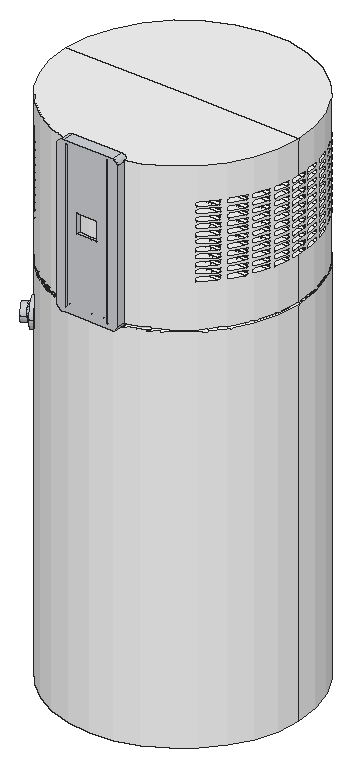
Revit family "STIEBEL ELTRON_WWK 222", category Generic Models, Revit 2022
Family settings
  Can host rebar = No
  Round Connector Dimension = Use Diameter
  Part Type = Normal
  Work Plane-Based = No
  Always vertical = Yes
  Cut with Voids When Loaded = No
  Maintain Annotation Orientation = No
  Shared = No
  Room Calculation Point = No
Parameters
  Default Elevation = 0 mm
Reference planes
  plane 1 "Center (Front/Back)": y = 0
  plane 2: z = 0
  plane 3 "Center (Left/Right)": x = 0
  plane 4: z = 1545
  plane 5: z = 1160
  plane 6: x = 345
  plane 7: x = -345
  plane 8: y = -179.723
  plane 9: y = 0
  plane 10: through (0, 0, 1219.2) normal (0.5, -0.866, 0)
  plane 11: x = -345
  plane 12: through (-285.733, -195.096, 1219.2) normal (-0.866, -0.5, 0)
  plane 13: y = 345
  plane 14: through (0, 345, 1219.2) normal (-0.3584, 0.9336, 0)
  plane 15: z = 935
  plane 16: z = 218
  plane 17: y = -104.723
  plane 18: x = -205
  plane 19: x = 205
  plane 20: y = -319.923
  plane 21: z = 1252.666
  plane 22: z = -24
Forms (mm)
  Revolve 1, solid, material "Default"
    sketch origin (0, 0, 0) x (1, 0, 0) y (0, 0, 1)
      loop
        line (0, 0) -> (345, 0) -> (345, 1545) -> (0, 1545) -> (0, 0)
      axis (0, 0) -> (0, 1545)
    angle from 0 to 360
  Revolve 2, solid
    sketch origin (-569.651, -4572, 935) x (-1, 0, 0) y (0, -1, 0)
      loop
        arc (-270.872, -4399.5) -> (-261.359, -4417.141) -> (-252.887, -4435.304) r 345
        line (-252.887, -4435.304) -> (-243.602, -4429.944) -> (-249.02, -4420.559)
        arc (-249.02, -4420.559) -> (-247.514, -4416.208) -> (-244.499, -4412.728) r 12.165
        line (-244.499, -4412.728) -> (-231.049, -4404.963) -> (-243.37, -4383.622) -> (-270.872, -4399.5)
      axis (-243.37, -4383.622) -> (-272.887, -4400.663)
    angle from 0 to 360
  Revolve 3, solid
    sketch origin (-2779.332, -3674.643, 935) x (-0.866025, 0.5, 0) y (-0.5, -0.866025, 0)
      loop
        arc (-270.872, -4399.5) -> (-261.359, -4417.141) -> (-252.887, -4435.304) r 345
        line (-252.887, -4435.304) -> (-243.602, -4429.944) -> (-249.02, -4420.559)
        arc (-249.02, -4420.559) -> (-247.514, -4416.208) -> (-244.499, -4412.728) r 12.165
        line (-244.499, -4412.728) -> (-231.049, -4404.963) -> (-243.37, -4383.622) -> (-270.872, -4399.5)
      axis (-243.37, -4383.622) -> (-272.887, -4400.663)
    angle from 0 to 360
  Revolve 4, solid
    sketch origin (-569.651, -4572, 1160) x (-1, 0, 0) y (0, -1, 0)
      loop
        arc (-451.654, -4896.194) -> (-470.679, -4902.499) -> (-490.037, -4907.688) r 345
        line (-490.037, -4907.688) -> (-486.37, -4917.763) -> (-476.188, -4914.057)
        arc (-476.188, -4914.057) -> (-472.164, -4916.296) -> (-469.261, -4919.87) r 12.165
        line (-469.261, -4919.87) -> (-463.949, -4934.463) -> (-440.793, -4926.035) -> (-451.654, -4896.194)
      axis (-440.793, -4926.035) -> (-452.45, -4894.008)
    angle from 0 to 360
  Revolve 5, solid
    sketch origin (-536.874, -4572, 218) x (-1, 0, 0) y (0, -1, 0)
      loop
        arc (-191.874, -4572) -> (-192.456, -4592.034) -> (-194.2, -4612) r 345
        line (-194.2, -4612) -> (-183.479, -4612) -> (-183.479, -4601.164)
        arc (-183.479, -4601.164) -> (-179.999, -4598.149) -> (-175.648, -4596.643) r 12.165
        line (-175.648, -4596.643) -> (-160.117, -4596.643) -> (-160.117, -4572) -> (-191.874, -4572)
      axis (-160.117, -4572) -> (-194.2, -4572)
    angle from 0 to 360
  Extrusion 6, solid
    sketch origin (0, 345, 1219.2) x (-1, 0, 0) y (0, 0, 1)
      loop
        line (-10, -59.2) -> (10, -59.2) -> (10, -3.514)
        arc (10, -3.514) -> (8.736, -0.464) -> (5.686, 0.8) r 4.314
        line (5.686, 0.8) -> (-5.686, 0.8)
        arc (-5.686, 0.8) -> (-8.736, -0.464) -> (-10, -3.514) r 4.314
        line (-10, -3.514) -> (-10, -59.2)
      loop
        circle (0, -9.242) r 5
      loop
        circle (0, -24.242) r 5
      loop
        circle (0, -39.242) r 5
    from -17.664 to 10
  Extrusion 7, solid
    sketch origin (-499.927, -319.923, 1219.2) x (-1, 0, 0) y (0, 0, 1)
      loop
        line (-430.197, 333.551) -> (-575.658, 333.551)
        arc (-575.658, 333.551) -> (-585.748, 329.372) -> (-589.927, 319.282) r 14.269
        line (-589.927, 319.282) -> (-589.927, -107.431)
        arc (-589.927, -107.431) -> (-585.748, -117.521) -> (-575.658, -121.7) r 14.269
        line (-575.658, -121.7) -> (-430.197, -121.7)
        arc (-430.197, -121.7) -> (-415.864, -115.763) -> (-409.927, -101.431) r 20.269
        line (-409.927, -101.431) -> (-409.927, 313.282)
        arc (-409.927, 313.282) -> (-415.864, 327.615) -> (-430.197, 333.551) r 20.269
      loop
        line (-469.927, 153.107) -> (-529.927, 153.107) -> (-529.927, 98.107) -> (-469.927, 98.107) -> (-469.927, 153.107)
      loop
        line (-437.626, 325.8) -> (-442.626, 325.8) -> (-442.626, -107.431) -> (-437.626, -107.431) -> (-437.626, 325.8)
      loop
        line (-562.228, 325.8) -> (-562.228, -107.431) -> (-557.228, -107.431) -> (-557.228, 325.8) -> (-562.228, 325.8)
    from -33.974 to 0
  Extrusion 8, void
    sketch origin (205, 414.536, 4650) x (0, -1, 0) y (0, 0, -1)
      loop
        line (342.226, 3199.001) -> (378.55, 3199.001)
        arc (378.55, 3199.001) -> (382.086, 3200.466) -> (383.55, 3204.001) r 5
        line (383.55, 3204.001) -> (383.55, 3207.334)
        arc (383.55, 3207.334) -> (382.086, 3210.87) -> (378.55, 3212.334) r 5
        line (378.55, 3212.334) -> (342.226, 3212.334)
        arc (342.226, 3212.334) -> (338.691, 3210.87) -> (337.226, 3207.334) r 5
        line (337.226, 3207.334) -> (337.226, 3204.001)
        arc (337.226, 3204.001) -> (338.691, 3200.466) -> (342.226, 3199.001) r 5
      loop
        line (398.55, 3199.001) -> (434.874, 3199.001)
        arc (434.874, 3199.001) -> (438.41, 3200.466) -> (439.874, 3204.001) r 5
        line (439.874, 3204.001) -> (439.874, 3207.334)
        arc (439.874, 3207.334) -> (438.41, 3210.87) -> (434.874, 3212.334) r 5
        line (434.874, 3212.334) -> (398.55, 3212.334)
        arc (398.55, 3212.334) -> (395.015, 3210.87) -> (393.55, 3207.334) r 5
        line (393.55, 3207.334) -> (393.55, 3204.001)
        arc (393.55, 3204.001) -> (395.015, 3200.466) -> (398.55, 3199.001) r 5
      loop
        line (454.874, 3199.001) -> (491.198, 3199.001)
        arc (491.198, 3199.001) -> (494.734, 3200.466) -> (496.198, 3204.001) r 5
        line (496.198, 3204.001) -> (496.198, 3207.334)
        arc (496.198, 3207.334) -> (494.734, 3210.87) -> (491.198, 3212.334) r 5
        line (491.198, 3212.334) -> (454.874, 3212.334)
        arc (454.874, 3212.334) -> (451.339, 3210.87) -> (449.874, 3207.334) r 5
        line (449.874, 3207.334) -> (449.874, 3204.001)
        arc (449.874, 3204.001) -> (451.339, 3200.466) -> (454.874, 3199.001) r 5
      loop
        line (511.198, 3199.001) -> (547.522, 3199.001)
        arc (547.522, 3199.001) -> (551.058, 3200.466) -> (552.522, 3204.001) r 5
        line (552.522, 3204.001) -> (552.522, 3207.334)
        arc (552.522, 3207.334) -> (551.058, 3210.87) -> (547.522, 3212.334) r 5
        line (547.522, 3212.334) -> (511.198, 3212.334)
        arc (511.198, 3212.334) -> (507.663, 3210.87) -> (506.198, 3207.334) r 5
        line (506.198, 3207.334) -> (506.198, 3204.001)
        arc (506.198, 3204.001) -> (507.663, 3200.466) -> (511.198, 3199.001) r 5
      loop
        line (567.522, 3199.001) -> (603.846, 3199.001)
        arc (603.846, 3199.001) -> (607.382, 3200.466) -> (608.846, 3204.001) r 5
        line (608.846, 3204.001) -> (608.846, 3207.334)
        arc (608.846, 3207.334) -> (607.382, 3210.87) -> (603.846, 3212.334) r 5
        line (603.846, 3212.334) -> (567.522, 3212.334)
        arc (567.522, 3212.334) -> (563.987, 3210.87) -> (562.522, 3207.334) r 5
        line (562.522, 3207.334) -> (562.522, 3204.001)
        arc (562.522, 3204.001) -> (563.987, 3200.466) -> (567.522, 3199.001) r 5
      loop
        line (623.846, 3199.001) -> (660.17, 3199.001)
        arc (660.17, 3199.001) -> (663.706, 3200.466) -> (665.17, 3204.001) r 5
        line (665.17, 3204.001) -> (665.17, 3207.334)
        arc (665.17, 3207.334) -> (663.706, 3210.87) -> (660.17, 3212.334) r 5
        line (660.17, 3212.334) -> (623.846, 3212.334)
        arc (623.846, 3212.334) -> (620.311, 3210.87) -> (618.846, 3207.334) r 5
        line (618.846, 3207.334) -> (618.846, 3204.001)
        arc (618.846, 3204.001) -> (620.311, 3200.466) -> (623.846, 3199.001) r 5
      loop
        line (173.254, 3199.001) -> (209.578, 3199.001)
        arc (209.578, 3199.001) -> (213.114, 3200.466) -> (214.578, 3204.001) r 5
        line (214.578, 3204.001) -> (214.578, 3207.334)
        arc (214.578, 3207.334) -> (213.114, 3210.87) -> (209.578, 3212.334) r 5
        line (209.578, 3212.334) -> (173.254, 3212.334)
        arc (173.254, 3212.334) -> (169.719, 3210.87) -> (168.254, 3207.334) r 5
        line (168.254, 3207.334) -> (168.254, 3204.001)
        arc (168.254, 3204.001) -> (169.719, 3200.466) -> (173.254, 3199.001) r 5
      loop
        line (229.578, 3199.001) -> (265.902, 3199.001)
        arc (265.902, 3199.001) -> (269.438, 3200.466) -> (270.902, 3204.001) r 5
        line (270.902, 3204.001) -> (270.902, 3207.334)
        arc (270.902, 3207.334) -> (269.438, 3210.87) -> (265.902, 3212.334) r 5
        line (265.902, 3212.334) -> (229.578, 3212.334)
        arc (229.578, 3212.334) -> (226.043, 3210.87) -> (224.578, 3207.334) r 5
        line (224.578, 3207.334) -> (224.578, 3204.001)
        arc (224.578, 3204.001) -> (226.043, 3200.466) -> (229.578, 3199.001) r 5
      loop
        line (285.902, 3199.001) -> (322.226, 3199.001)
        arc (322.226, 3199.001) -> (325.762, 3200.466) -> (327.226, 3204.001) r 5
        line (327.226, 3204.001) -> (327.226, 3207.334)
        arc (327.226, 3207.334) -> (325.762, 3210.87) -> (322.226, 3212.334) r 5
        line (322.226, 3212.334) -> (285.902, 3212.334)
        arc (285.902, 3212.334) -> (282.367, 3210.87) -> (280.902, 3207.334) r 5
        line (280.902, 3207.334) -> (280.902, 3204.001)
        arc (280.902, 3204.001) -> (282.367, 3200.466) -> (285.902, 3199.001) r 5
      loop
        line (342.226, 3219.001) -> (378.55, 3219.001)
        arc (378.55, 3219.001) -> (382.086, 3220.466) -> (383.55, 3224.001) r 5
        line (383.55, 3224.001) -> (383.55, 3227.334)
        arc (383.55, 3227.334) -> (382.086, 3230.87) -> (378.55, 3232.334) r 5
        line (378.55, 3232.334) -> (342.226, 3232.334)
        arc (342.226, 3232.334) -> (338.691, 3230.87) -> (337.226, 3227.334) r 5
        line (337.226, 3227.334) -> (337.226, 3224.001)
        arc (337.226, 3224.001) -> (338.691, 3220.466) -> (342.226, 3219.001) r 5
      loop
        line (398.55, 3219.001) -> (434.874, 3219.001)
        arc (434.874, 3219.001) -> (438.41, 3220.466) -> (439.874, 3224.001) r 5
        line (439.874, 3224.001) -> (439.874, 3227.334)
        arc (439.874, 3227.334) -> (438.41, 3230.87) -> (434.874, 3232.334) r 5
        line (434.874, 3232.334) -> (398.55, 3232.334)
        arc (398.55, 3232.334) -> (395.015, 3230.87) -> (393.55, 3227.334) r 5
        line (393.55, 3227.334) -> (393.55, 3224.001)
        arc (393.55, 3224.001) -> (395.015, 3220.466) -> (398.55, 3219.001) r 5
      loop
        line (454.874, 3219.001) -> (491.198, 3219.001)
        arc (491.198, 3219.001) -> (494.734, 3220.466) -> (496.198, 3224.001) r 5
        line (496.198, 3224.001) -> (496.198, 3227.334)
        arc (496.198, 3227.334) -> (494.734, 3230.87) -> (491.198, 3232.334) r 5
        line (491.198, 3232.334) -> (454.874, 3232.334)
        arc (454.874, 3232.334) -> (451.339, 3230.87) -> (449.874, 3227.334) r 5
        line (449.874, 3227.334) -> (449.874, 3224.001)
        arc (449.874, 3224.001) -> (451.339, 3220.466) -> (454.874, 3219.001) r 5
      loop
        line (511.198, 3219.001) -> (547.522, 3219.001)
        arc (547.522, 3219.001) -> (551.058, 3220.466) -> (552.522, 3224.001) r 5
        line (552.522, 3224.001) -> (552.522, 3227.334)
        arc (552.522, 3227.334) -> (551.058, 3230.87) -> (547.522, 3232.334) r 5
        line (547.522, 3232.334) -> (511.198, 3232.334)
        arc (511.198, 3232.334) -> (507.663, 3230.87) -> (506.198, 3227.334) r 5
        line (506.198, 3227.334) -> (506.198, 3224.001)
        arc (506.198, 3224.001) -> (507.663, 3220.466) -> (511.198, 3219.001) r 5
      loop
        line (567.522, 3219.001) -> (603.846, 3219.001)
        arc (603.846, 3219.001) -> (607.382, 3220.466) -> (608.846, 3224.001) r 5
        line (608.846, 3224.001) -> (608.846, 3227.334)
        arc (608.846, 3227.334) -> (607.382, 3230.87) -> (603.846, 3232.334) r 5
        line (603.846, 3232.334) -> (567.522, 3232.334)
        arc (567.522, 3232.334) -> (563.987, 3230.87) -> (562.522, 3227.334) r 5
        line (562.522, 3227.334) -> (562.522, 3224.001)
        arc (562.522, 3224.001) -> (563.987, 3220.466) -> (567.522, 3219.001) r 5
      loop
        line (623.846, 3219.001) -> (660.17, 3219.001)
        arc (660.17, 3219.001) -> (663.706, 3220.466) -> (665.17, 3224.001) r 5
        line (665.17, 3224.001) -> (665.17, 3227.334)
        arc (665.17, 3227.334) -> (663.706, 3230.87) -> (660.17, 3232.334) r 5
        line (660.17, 3232.334) -> (623.846, 3232.334)
        arc (623.846, 3232.334) -> (620.311, 3230.87) -> (618.846, 3227.334) r 5
        line (618.846, 3227.334) -> (618.846, 3224.001)
        arc (618.846, 3224.001) -> (620.311, 3220.466) -> (623.846, 3219.001) r 5
      loop
        line (173.254, 3219.001) -> (209.578, 3219.001)
        arc (209.578, 3219.001) -> (213.114, 3220.466) -> (214.578, 3224.001) r 5
        line (214.578, 3224.001) -> (214.578, 3227.334)
        arc (214.578, 3227.334) -> (213.114, 3230.87) -> (209.578, 3232.334) r 5
        line (209.578, 3232.334) -> (173.254, 3232.334)
        arc (173.254, 3232.334) -> (169.719, 3230.87) -> (168.254, 3227.334) r 5
        line (168.254, 3227.334) -> (168.254, 3224.001)
        arc (168.254, 3224.001) -> (169.719, 3220.466) -> (173.254, 3219.001) r 5
      loop
        line (229.578, 3219.001) -> (265.902, 3219.001)
        arc (265.902, 3219.001) -> (269.438, 3220.466) -> (270.902, 3224.001) r 5
        line (270.902, 3224.001) -> (270.902, 3227.334)
        arc (270.902, 3227.334) -> (269.438, 3230.87) -> (265.902, 3232.334) r 5
        line (265.902, 3232.334) -> (229.578, 3232.334)
        arc (229.578, 3232.334) -> (226.043, 3230.87) -> (224.578, 3227.334) r 5
        line (224.578, 3227.334) -> (224.578, 3224.001)
        arc (224.578, 3224.001) -> (226.043, 3220.466) -> (229.578, 3219.001) r 5
      loop
        line (285.902, 3219.001) -> (322.226, 3219.001)
        arc (322.226, 3219.001) -> (325.762, 3220.466) -> (327.226, 3224.001) r 5
        line (327.226, 3224.001) -> (327.226, 3227.334)
        arc (327.226, 3227.334) -> (325.762, 3230.87) -> (322.226, 3232.334) r 5
        line (322.226, 3232.334) -> (285.902, 3232.334)
        arc (285.902, 3232.334) -> (282.367, 3230.87) -> (280.902, 3227.334) r 5
        line (280.902, 3227.334) -> (280.902, 3224.001)
        arc (280.902, 3224.001) -> (282.367, 3220.466) -> (285.902, 3219.001) r 5
      loop
        line (342.226, 3239.001) -> (378.55, 3239.001)
        arc (378.55, 3239.001) -> (382.086, 3240.466) -> (383.55, 3244.001) r 5
        line (383.55, 3244.001) -> (383.55, 3247.334)
        arc (383.55, 3247.334) -> (382.086, 3250.87) -> (378.55, 3252.334) r 5
        line (378.55, 3252.334) -> (342.226, 3252.334)
        arc (342.226, 3252.334) -> (338.691, 3250.87) -> (337.226, 3247.334) r 5
        line (337.226, 3247.334) -> (337.226, 3244.001)
        arc (337.226, 3244.001) -> (338.691, 3240.466) -> (342.226, 3239.001) r 5
      loop
        line (398.55, 3239.001) -> (434.874, 3239.001)
        arc (434.874, 3239.001) -> (438.41, 3240.466) -> (439.874, 3244.001) r 5
        line (439.874, 3244.001) -> (439.874, 3247.334)
        arc (439.874, 3247.334) -> (438.41, 3250.87) -> (434.874, 3252.334) r 5
        line (434.874, 3252.334) -> (398.55, 3252.334)
        arc (398.55, 3252.334) -> (395.015, 3250.87) -> (393.55, 3247.334) r 5
        line (393.55, 3247.334) -> (393.55, 3244.001)
        arc (393.55, 3244.001) -> (395.015, 3240.466) -> (398.55, 3239.001) r 5
      loop
        line (454.874, 3239.001) -> (491.198, 3239.001)
        arc (491.198, 3239.001) -> (494.734, 3240.466) -> (496.198, 3244.001) r 5
        line (496.198, 3244.001) -> (496.198, 3247.334)
        arc (496.198, 3247.334) -> (494.734, 3250.87) -> (491.198, 3252.334) r 5
        line (491.198, 3252.334) -> (454.874, 3252.334)
        arc (454.874, 3252.334) -> (451.339, 3250.87) -> (449.874, 3247.334) r 5
        line (449.874, 3247.334) -> (449.874, 3244.001)
        arc (449.874, 3244.001) -> (451.339, 3240.466) -> (454.874, 3239.001) r 5
      loop
        line (511.198, 3239.001) -> (547.522, 3239.001)
        arc (547.522, 3239.001) -> (551.058, 3240.466) -> (552.522, 3244.001) r 5
        line (552.522, 3244.001) -> (552.522, 3247.334)
        arc (552.522, 3247.334) -> (551.058, 3250.87) -> (547.522, 3252.334) r 5
        line (547.522, 3252.334) -> (511.198, 3252.334)
        arc (511.198, 3252.334) -> (507.663, 3250.87) -> (506.198, 3247.334) r 5
        line (506.198, 3247.334) -> (506.198, 3244.001)
        arc (506.198, 3244.001) -> (507.663, 3240.466) -> (511.198, 3239.001) r 5
      loop
        line (567.522, 3239.001) -> (603.846, 3239.001)
        arc (603.846, 3239.001) -> (607.382, 3240.466) -> (608.846, 3244.001) r 5
        line (608.846, 3244.001) -> (608.846, 3247.334)
        arc (608.846, 3247.334) -> (607.382, 3250.87) -> (603.846, 3252.334) r 5
        line (603.846, 3252.334) -> (567.522, 3252.334)
        arc (567.522, 3252.334) -> (563.987, 3250.87) -> (562.522, 3247.334) r 5
        line (562.522, 3247.334) -> (562.522, 3244.001)
        arc (562.522, 3244.001) -> (563.987, 3240.466) -> (567.522, 3239.001) r 5
      loop
        line (623.846, 3239.001) -> (660.17, 3239.001)
        arc (660.17, 3239.001) -> (663.706, 3240.466) -> (665.17, 3244.001) r 5
        line (665.17, 3244.001) -> (665.17, 3247.334)
        arc (665.17, 3247.334) -> (663.706, 3250.87) -> (660.17, 3252.334) r 5
        line (660.17, 3252.334) -> (623.846, 3252.334)
        arc (623.846, 3252.334) -> (620.311, 3250.87) -> (618.846, 3247.334) r 5
        line (618.846, 3247.334) -> (618.846, 3244.001)
        arc (618.846, 3244.001) -> (620.311, 3240.466) -> (623.846, 3239.001) r 5
      loop
        line (173.254, 3239.001) -> (209.578, 3239.001)
        arc (209.578, 3239.001) -> (213.114, 3240.466) -> (214.578, 3244.001) r 5
        line (214.578, 3244.001) -> (214.578, 3247.334)
        arc (214.578, 3247.334) -> (213.114, 3250.87) -> (209.578, 3252.334) r 5
        line (209.578, 3252.334) -> (173.254, 3252.334)
        arc (173.254, 3252.334) -> (169.719, 3250.87) -> (168.254, 3247.334) r 5
        line (168.254, 3247.334) -> (168.254, 3244.001)
        arc (168.254, 3244.001) -> (169.719, 3240.466) -> (173.254, 3239.001) r 5
      loop
        line (229.578, 3239.001) -> (265.902, 3239.001)
        arc (265.902, 3239.001) -> (269.438, 3240.466) -> (270.902, 3244.001) r 5
        line (270.902, 3244.001) -> (270.902, 3247.334)
        arc (270.902, 3247.334) -> (269.438, 3250.87) -> (265.902, 3252.334) r 5
        line (265.902, 3252.334) -> (229.578, 3252.334)
        arc (229.578, 3252.334) -> (226.043, 3250.87) -> (224.578, 3247.334) r 5
        line (224.578, 3247.334) -> (224.578, 3244.001)
        arc (224.578, 3244.001) -> (226.043, 3240.466) -> (229.578, 3239.001) r 5
      loop
        line (285.902, 3239.001) -> (322.226, 3239.001)
        arc (322.226, 3239.001) -> (325.762, 3240.466) -> (327.226, 3244.001) r 5
        line (327.226, 3244.001) -> (327.226, 3247.334)
        arc (327.226, 3247.334) -> (325.762, 3250.87) -> (322.226, 3252.334) r 5
        line (322.226, 3252.334) -> (285.902, 3252.334)
        arc (285.902, 3252.334) -> (282.367, 3250.87) -> (280.902, 3247.334) r 5
        line (280.902, 3247.334) -> (280.902, 3244.001)
        arc (280.902, 3244.001) -> (282.367, 3240.466) -> (285.902, 3239.001) r 5
      loop
        line (342.226, 3259.001) -> (378.55, 3259.001)
        arc (378.55, 3259.001) -> (382.086, 3260.466) -> (383.55, 3264.001) r 5
        line (383.55, 3264.001) -> (383.55, 3267.334)
        arc (383.55, 3267.334) -> (382.086, 3270.87) -> (378.55, 3272.334) r 5
        line (378.55, 3272.334) -> (342.226, 3272.334)
        arc (342.226, 3272.334) -> (338.691, 3270.87) -> (337.226, 3267.334) r 5
        line (337.226, 3267.334) -> (337.226, 3264.001)
        arc (337.226, 3264.001) -> (338.691, 3260.466) -> (342.226, 3259.001) r 5
      loop
        line (398.55, 3259.001) -> (434.874, 3259.001)
        arc (434.874, 3259.001) -> (438.41, 3260.466) -> (439.874, 3264.001) r 5
        line (439.874, 3264.001) -> (439.874, 3267.334)
        arc (439.874, 3267.334) -> (438.41, 3270.87) -> (434.874, 3272.334) r 5
        line (434.874, 3272.334) -> (398.55, 3272.334)
        arc (398.55, 3272.334) -> (395.015, 3270.87) -> (393.55, 3267.334) r 5
        line (393.55, 3267.334) -> (393.55, 3264.001)
        arc (393.55, 3264.001) -> (395.015, 3260.466) -> (398.55, 3259.001) r 5
      loop
        line (454.874, 3259.001) -> (491.198, 3259.001)
        arc (491.198, 3259.001) -> (494.734, 3260.466) -> (496.198, 3264.001) r 5
        line (496.198, 3264.001) -> (496.198, 3267.334)
        arc (496.198, 3267.334) -> (494.734, 3270.87) -> (491.198, 3272.334) r 5
        line (491.198, 3272.334) -> (454.874, 3272.334)
        arc (454.874, 3272.334) -> (451.339, 3270.87) -> (449.874, 3267.334) r 5
        line (449.874, 3267.334) -> (449.874, 3264.001)
        arc (449.874, 3264.001) -> (451.339, 3260.466) -> (454.874, 3259.001) r 5
      loop
        line (511.198, 3259.001) -> (547.522, 3259.001)
        arc (547.522, 3259.001) -> (551.058, 3260.466) -> (552.522, 3264.001) r 5
        line (552.522, 3264.001) -> (552.522, 3267.334)
        arc (552.522, 3267.334) -> (551.058, 3270.87) -> (547.522, 3272.334) r 5
        line (547.522, 3272.334) -> (511.198, 3272.334)
        arc (511.198, 3272.334) -> (507.663, 3270.87) -> (506.198, 3267.334) r 5
        line (506.198, 3267.334) -> (506.198, 3264.001)
        arc (506.198, 3264.001) -> (507.663, 3260.466) -> (511.198, 3259.001) r 5
      loop
        line (567.522, 3259.001) -> (603.846, 3259.001)
        arc (603.846, 3259.001) -> (607.382, 3260.466) -> (608.846, 3264.001) r 5
        line (608.846, 3264.001) -> (608.846, 3267.334)
        arc (608.846, 3267.334) -> (607.382, 3270.87) -> (603.846, 3272.334) r 5
        line (603.846, 3272.334) -> (567.522, 3272.334)
        arc (567.522, 3272.334) -> (563.987, 3270.87) -> (562.522, 3267.334) r 5
        line (562.522, 3267.334) -> (562.522, 3264.001)
        arc (562.522, 3264.001) -> (563.987, 3260.466) -> (567.522, 3259.001) r 5
      loop
        line (623.846, 3259.001) -> (660.17, 3259.001)
        arc (660.17, 3259.001) -> (663.706, 3260.466) -> (665.17, 3264.001) r 5
        line (665.17, 3264.001) -> (665.17, 3267.334)
        arc (665.17, 3267.334) -> (663.706, 3270.87) -> (660.17, 3272.334) r 5
        line (660.17, 3272.334) -> (623.846, 3272.334)
        arc (623.846, 3272.334) -> (620.311, 3270.87) -> (618.846, 3267.334) r 5
        line (618.846, 3267.334) -> (618.846, 3264.001)
        arc (618.846, 3264.001) -> (620.311, 3260.466) -> (623.846, 3259.001) r 5
      loop
        line (173.254, 3259.001) -> (209.578, 3259.001)
        arc (209.578, 3259.001) -> (213.114, 3260.466) -> (214.578, 3264.001) r 5
        line (214.578, 3264.001) -> (214.578, 3267.334)
        arc (214.578, 3267.334) -> (213.114, 3270.87) -> (209.578, 3272.334) r 5
        line (209.578, 3272.334) -> (173.254, 3272.334)
        arc (173.254, 3272.334) -> (169.719, 3270.87) -> (168.254, 3267.334) r 5
        line (168.254, 3267.334) -> (168.254, 3264.001)
        arc (168.254, 3264.001) -> (169.719, 3260.466) -> (173.254, 3259.001) r 5
      loop
        line (229.578, 3259.001) -> (265.902, 3259.001)
        arc (265.902, 3259.001) -> (269.438, 3260.466) -> (270.902, 3264.001) r 5
        line (270.902, 3264.001) -> (270.902, 3267.334)
        arc (270.902, 3267.334) -> (269.438, 3270.87) -> (265.902, 3272.334) r 5
        line (265.902, 3272.334) -> (229.578, 3272.334)
        arc (229.578, 3272.334) -> (226.043, 3270.87) -> (224.578, 3267.334) r 5
        line (224.578, 3267.334) -> (224.578, 3264.001)
        arc (224.578, 3264.001) -> (226.043, 3260.466) -> (229.578, 3259.001) r 5
      loop
        line (285.902, 3259.001) -> (322.226, 3259.001)
        arc (322.226, 3259.001) -> (325.762, 3260.466) -> (327.226, 3264.001) r 5
        line (327.226, 3264.001) -> (327.226, 3267.334)
        arc (327.226, 3267.334) -> (325.762, 3270.87) -> (322.226, 3272.334) r 5
        line (322.226, 3272.334) -> (285.902, 3272.334)
        arc (285.902, 3272.334) -> (282.367, 3270.87) -> (280.902, 3267.334) r 5
        line (280.902, 3267.334) -> (280.902, 3264.001)
        arc (280.902, 3264.001) -> (282.367, 3260.466) -> (285.902, 3259.001) r 5
      loop
        line (342.226, 3279.001) -> (378.55, 3279.001)
        arc (378.55, 3279.001) -> (382.086, 3280.466) -> (383.55, 3284.001) r 5
        line (383.55, 3284.001) -> (383.55, 3287.334)
        arc (383.55, 3287.334) -> (382.086, 3290.87) -> (378.55, 3292.334) r 5
        line (378.55, 3292.334) -> (342.226, 3292.334)
        arc (342.226, 3292.334) -> (338.691, 3290.87) -> (337.226, 3287.334) r 5
        line (337.226, 3287.334) -> (337.226, 3284.001)
        arc (337.226, 3284.001) -> (338.691, 3280.466) -> (342.226, 3279.001) r 5
      loop
        line (398.55, 3279.001) -> (434.874, 3279.001)
        arc (434.874, 3279.001) -> (438.41, 3280.466) -> (439.874, 3284.001) r 5
        line (439.874, 3284.001) -> (439.874, 3287.334)
        arc (439.874, 3287.334) -> (438.41, 3290.87) -> (434.874, 3292.334) r 5
        line (434.874, 3292.334) -> (398.55, 3292.334)
        arc (398.55, 3292.334) -> (395.015, 3290.87) -> (393.55, 3287.334) r 5
        line (393.55, 3287.334) -> (393.55, 3284.001)
        arc (393.55, 3284.001) -> (395.015, 3280.466) -> (398.55, 3279.001) r 5
      loop
        line (454.874, 3279.001) -> (491.198, 3279.001)
        arc (491.198, 3279.001) -> (494.734, 3280.466) -> (496.198, 3284.001) r 5
        line (496.198, 3284.001) -> (496.198, 3287.334)
        arc (496.198, 3287.334) -> (494.734, 3290.87) -> (491.198, 3292.334) r 5
        line (491.198, 3292.334) -> (454.874, 3292.334)
        arc (454.874, 3292.334) -> (451.339, 3290.87) -> (449.874, 3287.334) r 5
        line (449.874, 3287.334) -> (449.874, 3284.001)
        arc (449.874, 3284.001) -> (451.339, 3280.466) -> (454.874, 3279.001) r 5
      loop
        line (511.198, 3279.001) -> (547.522, 3279.001)
        arc (547.522, 3279.001) -> (551.058, 3280.466) -> (552.522, 3284.001) r 5
        line (552.522, 3284.001) -> (552.522, 3287.334)
        arc (552.522, 3287.334) -> (551.058, 3290.87) -> (547.522, 3292.334) r 5
        line (547.522, 3292.334) -> (511.198, 3292.334)
        arc (511.198, 3292.334) -> (507.663, 3290.87) -> (506.198, 3287.334) r 5
        line (506.198, 3287.334) -> (506.198, 3284.001)
        arc (506.198, 3284.001) -> (507.663, 3280.466) -> (511.198, 3279.001) r 5
      loop
        line (567.522, 3279.001) -> (603.846, 3279.001)
        arc (603.846, 3279.001) -> (607.382, 3280.466) -> (608.846, 3284.001) r 5
        line (608.846, 3284.001) -> (608.846, 3287.334)
        arc (608.846, 3287.334) -> (607.382, 3290.87) -> (603.846, 3292.334) r 5
        line (603.846, 3292.334) -> (567.522, 3292.334)
        arc (567.522, 3292.334) -> (563.987, 3290.87) -> (562.522, 3287.334) r 5
        line (562.522, 3287.334) -> (562.522, 3284.001)
        arc (562.522, 3284.001) -> (563.987, 3280.466) -> (567.522, 3279.001) r 5
      loop
        line (623.846, 3279.001) -> (660.17, 3279.001)
        arc (660.17, 3279.001) -> (663.706, 3280.466) -> (665.17, 3284.001) r 5
        line (665.17, 3284.001) -> (665.17, 3287.334)
        arc (665.17, 3287.334) -> (663.706, 3290.87) -> (660.17, 3292.334) r 5
        line (660.17, 3292.334) -> (623.846, 3292.334)
        arc (623.846, 3292.334) -> (620.311, 3290.87) -> (618.846, 3287.334) r 5
        line (618.846, 3287.334) -> (618.846, 3284.001)
        arc (618.846, 3284.001) -> (620.311, 3280.466) -> (623.846, 3279.001) r 5
      loop
        line (173.254, 3279.001) -> (209.578, 3279.001)
        arc (209.578, 3279.001) -> (213.114, 3280.466) -> (214.578, 3284.001) r 5
        line (214.578, 3284.001) -> (214.578, 3287.334)
        arc (214.578, 3287.334) -> (213.114, 3290.87) -> (209.578, 3292.334) r 5
        line (209.578, 3292.334) -> (173.254, 3292.334)
        arc (173.254, 3292.334) -> (169.719, 3290.87) -> (168.254, 3287.334) r 5
        line (168.254, 3287.334) -> (168.254, 3284.001)
        arc (168.254, 3284.001) -> (169.719, 3280.466) -> (173.254, 3279.001) r 5
      loop
        line (229.578, 3279.001) -> (265.902, 3279.001)
        arc (265.902, 3279.001) -> (269.438, 3280.466) -> (270.902, 3284.001) r 5
        line (270.902, 3284.001) -> (270.902, 3287.334)
        arc (270.902, 3287.334) -> (269.438, 3290.87) -> (265.902, 3292.334) r 5
        line (265.902, 3292.334) -> (229.578, 3292.334)
        arc (229.578, 3292.334) -> (226.043, 3290.87) -> (224.578, 3287.334) r 5
        line (224.578, 3287.334) -> (224.578, 3284.001)
        arc (224.578, 3284.001) -> (226.043, 3280.466) -> (229.578, 3279.001) r 5
      loop
        line (285.902, 3279.001) -> (322.226, 3279.001)
        arc (322.226, 3279.001) -> (325.762, 3280.466) -> (327.226, 3284.001) r 5
        line (327.226, 3284.001) -> (327.226, 3287.334)
        arc (327.226, 3287.334) -> (325.762, 3290.87) -> (322.226, 3292.334) r 5
        line (322.226, 3292.334) -> (285.902, 3292.334)
        arc (285.902, 3292.334) -> (282.367, 3290.87) -> (280.902, 3287.334) r 5
        line (280.902, 3287.334) -> (280.902, 3284.001)
        arc (280.902, 3284.001) -> (282.367, 3280.466) -> (285.902, 3279.001) r 5
      loop
        line (342.226, 3299.001) -> (378.55, 3299.001)
        arc (378.55, 3299.001) -> (382.086, 3300.466) -> (383.55, 3304.001) r 5
        line (383.55, 3304.001) -> (383.55, 3307.334)
        arc (383.55, 3307.334) -> (382.086, 3310.87) -> (378.55, 3312.334) r 5
        line (378.55, 3312.334) -> (342.226, 3312.334)
        arc (342.226, 3312.334) -> (338.691, 3310.87) -> (337.226, 3307.334) r 5
        line (337.226, 3307.334) -> (337.226, 3304.001)
        arc (337.226, 3304.001) -> (338.691, 3300.466) -> (342.226, 3299.001) r 5
      loop
        line (398.55, 3299.001) -> (434.874, 3299.001)
        arc (434.874, 3299.001) -> (438.41, 3300.466) -> (439.874, 3304.001) r 5
        line (439.874, 3304.001) -> (439.874, 3307.334)
        arc (439.874, 3307.334) -> (438.41, 3310.87) -> (434.874, 3312.334) r 5
        line (434.874, 3312.334) -> (398.55, 3312.334)
        arc (398.55, 3312.334) -> (395.015, 3310.87) -> (393.55, 3307.334) r 5
        line (393.55, 3307.334) -> (393.55, 3304.001)
        arc (393.55, 3304.001) -> (395.015, 3300.466) -> (398.55, 3299.001) r 5
      loop
        line (454.874, 3299.001) -> (491.198, 3299.001)
        arc (491.198, 3299.001) -> (494.734, 3300.466) -> (496.198, 3304.001) r 5
        line (496.198, 3304.001) -> (496.198, 3307.334)
        arc (496.198, 3307.334) -> (494.734, 3310.87) -> (491.198, 3312.334) r 5
        line (491.198, 3312.334) -> (454.874, 3312.334)
        arc (454.874, 3312.334) -> (451.339, 3310.87) -> (449.874, 3307.334) r 5
        line (449.874, 3307.334) -> (449.874, 3304.001)
        arc (449.874, 3304.001) -> (451.339, 3300.466) -> (454.874, 3299.001) r 5
      loop
        line (511.198, 3299.001) -> (547.522, 3299.001)
        arc (547.522, 3299.001) -> (551.058, 3300.466) -> (552.522, 3304.001) r 5
        line (552.522, 3304.001) -> (552.522, 3307.334)
        arc (552.522, 3307.334) -> (551.058, 3310.87) -> (547.522, 3312.334) r 5
        line (547.522, 3312.334) -> (511.198, 3312.334)
        arc (511.198, 3312.334) -> (507.663, 3310.87) -> (506.198, 3307.334) r 5
        line (506.198, 3307.334) -> (506.198, 3304.001)
        arc (506.198, 3304.001) -> (507.663, 3300.466) -> (511.198, 3299.001) r 5
      loop
        line (567.522, 3299.001) -> (603.846, 3299.001)
        arc (603.846, 3299.001) -> (607.382, 3300.466) -> (608.846, 3304.001) r 5
        line (608.846, 3304.001) -> (608.846, 3307.334)
        arc (608.846, 3307.334) -> (607.382, 3310.87) -> (603.846, 3312.334) r 5
        line (603.846, 3312.334) -> (567.522, 3312.334)
        arc (567.522, 3312.334) -> (563.987, 3310.87) -> (562.522, 3307.334) r 5
        line (562.522, 3307.334) -> (562.522, 3304.001)
        arc (562.522, 3304.001) -> (563.987, 3300.466) -> (567.522, 3299.001) r 5
      loop
        line (623.846, 3299.001) -> (660.17, 3299.001)
        arc (660.17, 3299.001) -> (663.706, 3300.466) -> (665.17, 3304.001) r 5
        line (665.17, 3304.001) -> (665.17, 3307.334)
        arc (665.17, 3307.334) -> (663.706, 3310.87) -> (660.17, 3312.334) r 5
        line (660.17, 3312.334) -> (623.846, 3312.334)
        arc (623.846, 3312.334) -> (620.311, 3310.87) -> (618.846, 3307.334) r 5
        line (618.846, 3307.334) -> (618.846, 3304.001)
        arc (618.846, 3304.001) -> (620.311, 3300.466) -> (623.846, 3299.001) r 5
      loop
        line (173.254, 3299.001) -> (209.578, 3299.001)
        arc (209.578, 3299.001) -> (213.114, 3300.466) -> (214.578, 3304.001) r 5
        line (214.578, 3304.001) -> (214.578, 3307.334)
        arc (214.578, 3307.334) -> (213.114, 3310.87) -> (209.578, 3312.334) r 5
        line (209.578, 3312.334) -> (173.254, 3312.334)
        arc (173.254, 3312.334) -> (169.719, 3310.87) -> (168.254, 3307.334) r 5
        line (168.254, 3307.334) -> (168.254, 3304.001)
        arc (168.254, 3304.001) -> (169.719, 3300.466) -> (173.254, 3299.001) r 5
      loop
        line (229.578, 3299.001) -> (265.902, 3299.001)
        arc (265.902, 3299.001) -> (269.438, 3300.466) -> (270.902, 3304.001) r 5
        line (270.902, 3304.001) -> (270.902, 3307.334)
        arc (270.902, 3307.334) -> (269.438, 3310.87) -> (265.902, 3312.334) r 5
        line (265.902, 3312.334) -> (229.578, 3312.334)
        arc (229.578, 3312.334) -> (226.043, 3310.87) -> (224.578, 3307.334) r 5
        line (224.578, 3307.334) -> (224.578, 3304.001)
        arc (224.578, 3304.001) -> (226.043, 3300.466) -> (229.578, 3299.001) r 5
      loop
        line (285.902, 3299.001) -> (322.226, 3299.001)
        arc (322.226, 3299.001) -> (325.762, 3300.466) -> (327.226, 3304.001) r 5
        line (327.226, 3304.001) -> (327.226, 3307.334)
        arc (327.226, 3307.334) -> (325.762, 3310.87) -> (322.226, 3312.334) r 5
        line (322.226, 3312.334) -> (285.902, 3312.334)
        arc (285.902, 3312.334) -> (282.367, 3310.87) -> (280.902, 3307.334) r 5
        line (280.902, 3307.334) -> (280.902, 3304.001)
        arc (280.902, 3304.001) -> (282.367, 3300.466) -> (285.902, 3299.001) r 5
      loop
        line (342.226, 3319.001) -> (378.55, 3319.001)
        arc (378.55, 3319.001) -> (382.086, 3320.466) -> (383.55, 3324.001) r 5
        line (383.55, 3324.001) -> (383.55, 3327.334)
        arc (383.55, 3327.334) -> (382.086, 3330.87) -> (378.55, 3332.334) r 5
        line (378.55, 3332.334) -> (342.226, 3332.334)
        arc (342.226, 3332.334) -> (338.691, 3330.87) -> (337.226, 3327.334) r 5
        line (337.226, 3327.334) -> (337.226, 3324.001)
        arc (337.226, 3324.001) -> (338.691, 3320.466) -> (342.226, 3319.001) r 5
      loop
        line (398.55, 3319.001) -> (434.874, 3319.001)
        arc (434.874, 3319.001) -> (438.41, 3320.466) -> (439.874, 3324.001) r 5
        line (439.874, 3324.001) -> (439.874, 3327.334)
        arc (439.874, 3327.334) -> (438.41, 3330.87) -> (434.874, 3332.334) r 5
        line (434.874, 3332.334) -> (398.55, 3332.334)
        arc (398.55, 3332.334) -> (395.015, 3330.87) -> (393.55, 3327.334) r 5
        line (393.55, 3327.334) -> (393.55, 3324.001)
        arc (393.55, 3324.001) -> (395.015, 3320.466) -> (398.55, 3319.001) r 5
      loop
        line (454.874, 3319.001) -> (491.198, 3319.001)
        arc (491.198, 3319.001) -> (494.734, 3320.466) -> (496.198, 3324.001) r 5
        line (496.198, 3324.001) -> (496.198, 3327.334)
        arc (496.198, 3327.334) -> (494.734, 3330.87) -> (491.198, 3332.334) r 5
        line (491.198, 3332.334) -> (454.874, 3332.334)
        arc (454.874, 3332.334) -> (451.339, 3330.87) -> (449.874, 3327.334) r 5
        line (449.874, 3327.334) -> (449.874, 3324.001)
        arc (449.874, 3324.001) -> (451.339, 3320.466) -> (454.874, 3319.001) r 5
      loop
        line (511.198, 3319.001) -> (547.522, 3319.001)
        arc (547.522, 3319.001) -> (551.058, 3320.466) -> (552.522, 3324.001) r 5
        line (552.522, 3324.001) -> (552.522, 3327.334)
        arc (552.522, 3327.334) -> (551.058, 3330.87) -> (547.522, 3332.334) r 5
        line (547.522, 3332.334) -> (511.198, 3332.334)
        arc (511.198, 3332.334) -> (507.663, 3330.87) -> (506.198, 3327.334) r 5
        line (506.198, 3327.334) -> (506.198, 3324.001)
        arc (506.198, 3324.001) -> (507.663, 3320.466) -> (511.198, 3319.001) r 5
      loop
        line (567.522, 3319.001) -> (603.846, 3319.001)
        arc (603.846, 3319.001) -> (607.382, 3320.466) -> (608.846, 3324.001) r 5
        line (608.846, 3324.001) -> (608.846, 3327.334)
        arc (608.846, 3327.334) -> (607.382, 3330.87) -> (603.846, 3332.334) r 5
        line (603.846, 3332.334) -> (567.522, 3332.334)
        arc (567.522, 3332.334) -> (563.987, 3330.87) -> (562.522, 3327.334) r 5
        line (562.522, 3327.334) -> (562.522, 3324.001)
        arc (562.522, 3324.001) -> (563.987, 3320.466) -> (567.522, 3319.001) r 5
      loop
        line (623.846, 3319.001) -> (660.17, 3319.001)
        arc (660.17, 3319.001) -> (663.706, 3320.466) -> (665.17, 3324.001) r 5
        line (665.17, 3324.001) -> (665.17, 3327.334)
        arc (665.17, 3327.334) -> (663.706, 3330.87) -> (660.17, 3332.334) r 5
        line (660.17, 3332.334) -> (623.846, 3332.334)
        arc (623.846, 3332.334) -> (620.311, 3330.87) -> (618.846, 3327.334) r 5
        line (618.846, 3327.334) -> (618.846, 3324.001)
        arc (618.846, 3324.001) -> (620.311, 3320.466) -> (623.846, 3319.001) r 5
      loop
        line (173.254, 3319.001) -> (209.578, 3319.001)
        arc (209.578, 3319.001) -> (213.114, 3320.466) -> (214.578, 3324.001) r 5
        line (214.578, 3324.001) -> (214.578, 3327.334)
        arc (214.578, 3327.334) -> (213.114, 3330.87) -> (209.578, 3332.334) r 5
        line (209.578, 3332.334) -> (173.254, 3332.334)
        arc (173.254, 3332.334) -> (169.719, 3330.87) -> (168.254, 3327.334) r 5
        line (168.254, 3327.334) -> (168.254, 3324.001)
        arc (168.254, 3324.001) -> (169.719, 3320.466) -> (173.254, 3319.001) r 5
      loop
        line (229.578, 3319.001) -> (265.902, 3319.001)
        arc (265.902, 3319.001) -> (269.438, 3320.466) -> (270.902, 3324.001) r 5
        line (270.902, 3324.001) -> (270.902, 3327.334)
        arc (270.902, 3327.334) -> (269.438, 3330.87) -> (265.902, 3332.334) r 5
        line (265.902, 3332.334) -> (229.578, 3332.334)
        arc (229.578, 3332.334) -> (226.043, 3330.87) -> (224.578, 3327.334) r 5
        line (224.578, 3327.334) -> (224.578, 3324.001)
        arc (224.578, 3324.001) -> (226.043, 3320.466) -> (229.578, 3319.001) r 5
      loop
        line (285.902, 3319.001) -> (322.226, 3319.001)
        arc (322.226, 3319.001) -> (325.762, 3320.466) -> (327.226, 3324.001) r 5
        line (327.226, 3324.001) -> (327.226, 3327.334)
        arc (327.226, 3327.334) -> (325.762, 3330.87) -> (322.226, 3332.334) r 5
        line (322.226, 3332.334) -> (285.902, 3332.334)
        arc (285.902, 3332.334) -> (282.367, 3330.87) -> (280.902, 3327.334) r 5
        line (280.902, 3327.334) -> (280.902, 3324.001)
        arc (280.902, 3324.001) -> (282.367, 3320.466) -> (285.902, 3319.001) r 5
      loop
        line (342.226, 3339.001) -> (378.55, 3339.001)
        arc (378.55, 3339.001) -> (382.086, 3340.466) -> (383.55, 3344.001) r 5
        line (383.55, 3344.001) -> (383.55, 3347.334)
        arc (383.55, 3347.334) -> (382.086, 3350.87) -> (378.55, 3352.334) r 5
        line (378.55, 3352.334) -> (342.226, 3352.334)
        arc (342.226, 3352.334) -> (338.691, 3350.87) -> (337.226, 3347.334) r 5
        line (337.226, 3347.334) -> (337.226, 3344.001)
        arc (337.226, 3344.001) -> (338.691, 3340.466) -> (342.226, 3339.001) r 5
      loop
        line (398.55, 3339.001) -> (434.874, 3339.001)
        arc (434.874, 3339.001) -> (438.41, 3340.466) -> (439.874, 3344.001) r 5
        line (439.874, 3344.001) -> (439.874, 3347.334)
        arc (439.874, 3347.334) -> (438.41, 3350.87) -> (434.874, 3352.334) r 5
        line (434.874, 3352.334) -> (398.55, 3352.334)
        arc (398.55, 3352.334) -> (395.015, 3350.87) -> (393.55, 3347.334) r 5
        line (393.55, 3347.334) -> (393.55, 3344.001)
        arc (393.55, 3344.001) -> (395.015, 3340.466) -> (398.55, 3339.001) r 5
      loop
        line (454.874, 3339.001) -> (491.198, 3339.001)
        arc (491.198, 3339.001) -> (494.734, 3340.466) -> (496.198, 3344.001) r 5
        line (496.198, 3344.001) -> (496.198, 3347.334)
        arc (496.198, 3347.334) -> (494.734, 3350.87) -> (491.198, 3352.334) r 5
        line (491.198, 3352.334) -> (454.874, 3352.334)
        arc (454.874, 3352.334) -> (451.339, 3350.87) -> (449.874, 3347.334) r 5
        line (449.874, 3347.334) -> (449.874, 3344.001)
        arc (449.874, 3344.001) -> (451.339, 3340.466) -> (454.874, 3339.001) r 5
      loop
        line (511.198, 3339.001) -> (547.522, 3339.001)
        arc (547.522, 3339.001) -> (551.058, 3340.466) -> (552.522, 3344.001) r 5
        line (552.522, 3344.001) -> (552.522, 3347.334)
        arc (552.522, 3347.334) -> (551.058, 3350.87) -> (547.522, 3352.334) r 5
        line (547.522, 3352.334) -> (511.198, 3352.334)
        arc (511.198, 3352.334) -> (507.663, 3350.87) -> (506.198, 3347.334) r 5
        line (506.198, 3347.334) -> (506.198, 3344.001)
        arc (506.198, 3344.001) -> (507.663, 3340.466) -> (511.198, 3339.001) r 5
      loop
        line (567.522, 3339.001) -> (603.846, 3339.001)
        arc (603.846, 3339.001) -> (607.382, 3340.466) -> (608.846, 3344.001) r 5
        line (608.846, 3344.001) -> (608.846, 3347.334)
        arc (608.846, 3347.334) -> (607.382, 3350.87) -> (603.846, 3352.334) r 5
        line (603.846, 3352.334) -> (567.522, 3352.334)
        arc (567.522, 3352.334) -> (563.987, 3350.87) -> (562.522, 3347.334) r 5
        line (562.522, 3347.334) -> (562.522, 3344.001)
        arc (562.522, 3344.001) -> (563.987, 3340.466) -> (567.522, 3339.001) r 5
      loop
        line (623.846, 3339.001) -> (660.17, 3339.001)
        arc (660.17, 3339.001) -> (663.706, 3340.466) -> (665.17, 3344.001) r 5
        line (665.17, 3344.001) -> (665.17, 3347.334)
        arc (665.17, 3347.334) -> (663.706, 3350.87) -> (660.17, 3352.334) r 5
        line (660.17, 3352.334) -> (623.846, 3352.334)
        arc (623.846, 3352.334) -> (620.311, 3350.87) -> (618.846, 3347.334) r 5
        line (618.846, 3347.334) -> (618.846, 3344.001)
        arc (618.846, 3344.001) -> (620.311, 3340.466) -> (623.846, 3339.001) r 5
      loop
        line (173.254, 3339.001) -> (209.578, 3339.001)
        arc (209.578, 3339.001) -> (213.114, 3340.466) -> (214.578, 3344.001) r 5
        line (214.578, 3344.001) -> (214.578, 3347.334)
        arc (214.578, 3347.334) -> (213.114, 3350.87) -> (209.578, 3352.334) r 5
        line (209.578, 3352.334) -> (173.254, 3352.334)
        arc (173.254, 3352.334) -> (169.719, 3350.87) -> (168.254, 3347.334) r 5
        line (168.254, 3347.334) -> (168.254, 3344.001)
        arc (168.254, 3344.001) -> (169.719, 3340.466) -> (173.254, 3339.001) r 5
      loop
        line (229.578, 3339.001) -> (265.902, 3339.001)
        arc (265.902, 3339.001) -> (269.438, 3340.466) -> (270.902, 3344.001) r 5
        line (270.902, 3344.001) -> (270.902, 3347.334)
        arc (270.902, 3347.334) -> (269.438, 3350.87) -> (265.902, 3352.334) r 5
        line (265.902, 3352.334) -> (229.578, 3352.334)
        arc (229.578, 3352.334) -> (226.043, 3350.87) -> (224.578, 3347.334) r 5
        line (224.578, 3347.334) -> (224.578, 3344.001)
        arc (224.578, 3344.001) -> (226.043, 3340.466) -> (229.578, 3339.001) r 5
      loop
        line (285.902, 3339.001) -> (322.226, 3339.001)
        arc (322.226, 3339.001) -> (325.762, 3340.466) -> (327.226, 3344.001) r 5
        line (327.226, 3344.001) -> (327.226, 3347.334)
        arc (327.226, 3347.334) -> (325.762, 3350.87) -> (322.226, 3352.334) r 5
        line (322.226, 3352.334) -> (285.902, 3352.334)
        arc (285.902, 3352.334) -> (282.367, 3350.87) -> (280.902, 3347.334) r 5
        line (280.902, 3347.334) -> (280.902, 3344.001)
        arc (280.902, 3344.001) -> (282.367, 3340.466) -> (285.902, 3339.001) r 5
      loop
        line (342.226, 3359.001) -> (378.55, 3359.001)
        arc (378.55, 3359.001) -> (382.086, 3360.466) -> (383.55, 3364.001) r 5
        line (383.55, 3364.001) -> (383.55, 3367.334)
        arc (383.55, 3367.334) -> (382.086, 3370.87) -> (378.55, 3372.334) r 5
        line (378.55, 3372.334) -> (342.226, 3372.334)
        arc (342.226, 3372.334) -> (338.691, 3370.87) -> (337.226, 3367.334) r 5
        line (337.226, 3367.334) -> (337.226, 3364.001)
        arc (337.226, 3364.001) -> (338.691, 3360.466) -> (342.226, 3359.001) r 5
      loop
        line (398.55, 3359.001) -> (434.874, 3359.001)
        arc (434.874, 3359.001) -> (438.41, 3360.466) -> (439.874, 3364.001) r 5
        line (439.874, 3364.001) -> (439.874, 3367.334)
        arc (439.874, 3367.334) -> (438.41, 3370.87) -> (434.874, 3372.334) r 5
        line (434.874, 3372.334) -> (398.55, 3372.334)
        arc (398.55, 3372.334) -> (395.015, 3370.87) -> (393.55, 3367.334) r 5
        line (393.55, 3367.334) -> (393.55, 3364.001)
        arc (393.55, 3364.001) -> (395.015, 3360.466) -> (398.55, 3359.001) r 5
      loop
        line (454.874, 3359.001) -> (491.198, 3359.001)
        arc (491.198, 3359.001) -> (494.734, 3360.466) -> (496.198, 3364.001) r 5
        line (496.198, 3364.001) -> (496.198, 3367.334)
        arc (496.198, 3367.334) -> (494.734, 3370.87) -> (491.198, 3372.334) r 5
        line (491.198, 3372.334) -> (454.874, 3372.334)
        arc (454.874, 3372.334) -> (451.339, 3370.87) -> (449.874, 3367.334) r 5
        line (449.874, 3367.334) -> (449.874, 3364.001)
        arc (449.874, 3364.001) -> (451.339, 3360.466) -> (454.874, 3359.001) r 5
      loop
        line (511.198, 3359.001) -> (547.522, 3359.001)
        arc (547.522, 3359.001) -> (551.058, 3360.466) -> (552.522, 3364.001) r 5
        line (552.522, 3364.001) -> (552.522, 3367.334)
        arc (552.522, 3367.334) -> (551.058, 3370.87) -> (547.522, 3372.334) r 5
        line (547.522, 3372.334) -> (511.198, 3372.334)
        arc (511.198, 3372.334) -> (507.663, 3370.87) -> (506.198, 3367.334) r 5
        line (506.198, 3367.334) -> (506.198, 3364.001)
        arc (506.198, 3364.001) -> (507.663, 3360.466) -> (511.198, 3359.001) r 5
      loop
        line (567.522, 3359.001) -> (603.846, 3359.001)
        arc (603.846, 3359.001) -> (607.382, 3360.466) -> (608.846, 3364.001) r 5
        line (608.846, 3364.001) -> (608.846, 3367.334)
        arc (608.846, 3367.334) -> (607.382, 3370.87) -> (603.846, 3372.334) r 5
        line (603.846, 3372.334) -> (567.522, 3372.334)
        arc (567.522, 3372.334) -> (563.987, 3370.87) -> (562.522, 3367.334) r 5
        line (562.522, 3367.334) -> (562.522, 3364.001)
        arc (562.522, 3364.001) -> (563.987, 3360.466) -> (567.522, 3359.001) r 5
      loop
        line (623.846, 3359.001) -> (660.17, 3359.001)
        arc (660.17, 3359.001) -> (663.706, 3360.466) -> (665.17, 3364.001) r 5
        line (665.17, 3364.001) -> (665.17, 3367.334)
        arc (665.17, 3367.334) -> (663.706, 3370.87) -> (660.17, 3372.334) r 5
        line (660.17, 3372.334) -> (623.846, 3372.334)
        arc (623.846, 3372.334) -> (620.311, 3370.87) -> (618.846, 3367.334) r 5
        line (618.846, 3367.334) -> (618.846, 3364.001)
        arc (618.846, 3364.001) -> (620.311, 3360.466) -> (623.846, 3359.001) r 5
      loop
        line (173.254, 3359.001) -> (209.578, 3359.001)
        arc (209.578, 3359.001) -> (213.114, 3360.466) -> (214.578, 3364.001) r 5
        line (214.578, 3364.001) -> (214.578, 3367.334)
        arc (214.578, 3367.334) -> (213.114, 3370.87) -> (209.578, 3372.334) r 5
        line (209.578, 3372.334) -> (173.254, 3372.334)
        arc (173.254, 3372.334) -> (169.719, 3370.87) -> (168.254, 3367.334) r 5
        line (168.254, 3367.334) -> (168.254, 3364.001)
        arc (168.254, 3364.001) -> (169.719, 3360.466) -> (173.254, 3359.001) r 5
      loop
        line (229.578, 3359.001) -> (265.902, 3359.001)
        arc (265.902, 3359.001) -> (269.438, 3360.466) -> (270.902, 3364.001) r 5
        line (270.902, 3364.001) -> (270.902, 3367.334)
        arc (270.902, 3367.334) -> (269.438, 3370.87) -> (265.902, 3372.334) r 5
        line (265.902, 3372.334) -> (229.578, 3372.334)
        arc (229.578, 3372.334) -> (226.043, 3370.87) -> (224.578, 3367.334) r 5
        line (224.578, 3367.334) -> (224.578, 3364.001)
        arc (224.578, 3364.001) -> (226.043, 3360.466) -> (229.578, 3359.001) r 5
      loop
        line (285.902, 3359.001) -> (322.226, 3359.001)
        arc (322.226, 3359.001) -> (325.762, 3360.466) -> (327.226, 3364.001) r 5
        line (327.226, 3364.001) -> (327.226, 3367.334)
        arc (327.226, 3367.334) -> (325.762, 3370.87) -> (322.226, 3372.334) r 5
        line (322.226, 3372.334) -> (285.902, 3372.334)
        arc (285.902, 3372.334) -> (282.367, 3370.87) -> (280.902, 3367.334) r 5
        line (280.902, 3367.334) -> (280.902, 3364.001)
        arc (280.902, 3364.001) -> (282.367, 3360.466) -> (285.902, 3359.001) r 5
      loop
        line (342.226, 3379.001) -> (378.55, 3379.001)
        arc (378.55, 3379.001) -> (382.086, 3380.466) -> (383.55, 3384.001) r 5
        line (383.55, 3384.001) -> (383.55, 3387.334)
        arc (383.55, 3387.334) -> (382.086, 3390.87) -> (378.55, 3392.334) r 5
        line (378.55, 3392.334) -> (342.226, 3392.334)
        arc (342.226, 3392.334) -> (338.691, 3390.87) -> (337.226, 3387.334) r 5
        line (337.226, 3387.334) -> (337.226, 3384.001)
        arc (337.226, 3384.001) -> (338.691, 3380.466) -> (342.226, 3379.001) r 5
      loop
        line (398.55, 3379.001) -> (434.874, 3379.001)
        arc (434.874, 3379.001) -> (438.41, 3380.466) -> (439.874, 3384.001) r 5
        line (439.874, 3384.001) -> (439.874, 3387.334)
        arc (439.874, 3387.334) -> (438.41, 3390.87) -> (434.874, 3392.334) r 5
        line (434.874, 3392.334) -> (398.55, 3392.334)
        arc (398.55, 3392.334) -> (395.015, 3390.87) -> (393.55, 3387.334) r 5
        line (393.55, 3387.334) -> (393.55, 3384.001)
        arc (393.55, 3384.001) -> (395.015, 3380.466) -> (398.55, 3379.001) r 5
      loop
        line (454.874, 3379.001) -> (491.198, 3379.001)
        arc (491.198, 3379.001) -> (494.734, 3380.466) -> (496.198, 3384.001) r 5
        line (496.198, 3384.001) -> (496.198, 3387.334)
        arc (496.198, 3387.334) -> (494.734, 3390.87) -> (491.198, 3392.334) r 5
        line (491.198, 3392.334) -> (454.874, 3392.334)
        arc (454.874, 3392.334) -> (451.339, 3390.87) -> (449.874, 3387.334) r 5
        line (449.874, 3387.334) -> (449.874, 3384.001)
        arc (449.874, 3384.001) -> (451.339, 3380.466) -> (454.874, 3379.001) r 5
      loop
        line (511.198, 3379.001) -> (547.522, 3379.001)
        arc (547.522, 3379.001) -> (551.058, 3380.466) -> (552.522, 3384.001) r 5
        line (552.522, 3384.001) -> (552.522, 3387.334)
        arc (552.522, 3387.334) -> (551.058, 3390.87) -> (547.522, 3392.334) r 5
        line (547.522, 3392.334) -> (511.198, 3392.334)
        arc (511.198, 3392.334) -> (507.663, 3390.87) -> (506.198, 3387.334) r 5
        line (506.198, 3387.334) -> (506.198, 3384.001)
        arc (506.198, 3384.001) -> (507.663, 3380.466) -> (511.198, 3379.001) r 5
      loop
        line (567.522, 3379.001) -> (603.846, 3379.001)
        arc (603.846, 3379.001) -> (607.382, 3380.466) -> (608.846, 3384.001) r 5
        line (608.846, 3384.001) -> (608.846, 3387.334)
        arc (608.846, 3387.334) -> (607.382, 3390.87) -> (603.846, 3392.334) r 5
        line (603.846, 3392.334) -> (567.522, 3392.334)
        arc (567.522, 3392.334) -> (563.987, 3390.87) -> (562.522, 3387.334) r 5
        line (562.522, 3387.334) -> (562.522, 3384.001)
        arc (562.522, 3384.001) -> (563.987, 3380.466) -> (567.522, 3379.001) r 5
      loop
        line (623.846, 3379.001) -> (660.17, 3379.001)
        arc (660.17, 3379.001) -> (663.706, 3380.466) -> (665.17, 3384.001) r 5
        line (665.17, 3384.001) -> (665.17, 3387.334)
        arc (665.17, 3387.334) -> (663.706, 3390.87) -> (660.17, 3392.334) r 5
        line (660.17, 3392.334) -> (623.846, 3392.334)
        arc (623.846, 3392.334) -> (620.311, 3390.87) -> (618.846, 3387.334) r 5
        line (618.846, 3387.334) -> (618.846, 3384.001)
        arc (618.846, 3384.001) -> (620.311, 3380.466) -> (623.846, 3379.001) r 5
      loop
        line (173.254, 3379.001) -> (209.578, 3379.001)
        arc (209.578, 3379.001) -> (213.114, 3380.466) -> (214.578, 3384.001) r 5
        line (214.578, 3384.001) -> (214.578, 3387.334)
        arc (214.578, 3387.334) -> (213.114, 3390.87) -> (209.578, 3392.334) r 5
        line (209.578, 3392.334) -> (173.254, 3392.334)
        arc (173.254, 3392.334) -> (169.719, 3390.87) -> (168.254, 3387.334) r 5
        line (168.254, 3387.334) -> (168.254, 3384.001)
        arc (168.254, 3384.001) -> (169.719, 3380.466) -> (173.254, 3379.001) r 5
      loop
        line (229.578, 3379.001) -> (265.902, 3379.001)
        arc (265.902, 3379.001) -> (269.438, 3380.466) -> (270.902, 3384.001) r 5
        line (270.902, 3384.001) -> (270.902, 3387.334)
        arc (270.902, 3387.334) -> (269.438, 3390.87) -> (265.902, 3392.334) r 5
        line (265.902, 3392.334) -> (229.578, 3392.334)
        arc (229.578, 3392.334) -> (226.043, 3390.87) -> (224.578, 3387.334) r 5
        line (224.578, 3387.334) -> (224.578, 3384.001)
        arc (224.578, 3384.001) -> (226.043, 3380.466) -> (229.578, 3379.001) r 5
      loop
        line (285.902, 3379.001) -> (322.226, 3379.001)
        arc (322.226, 3379.001) -> (325.762, 3380.466) -> (327.226, 3384.001) r 5
        line (327.226, 3384.001) -> (327.226, 3387.334)
        arc (327.226, 3387.334) -> (325.762, 3390.87) -> (322.226, 3392.334) r 5
        line (322.226, 3392.334) -> (285.902, 3392.334)
        arc (285.902, 3392.334) -> (282.367, 3390.87) -> (280.902, 3387.334) r 5
        line (280.902, 3387.334) -> (280.902, 3384.001)
        arc (280.902, 3384.001) -> (282.367, 3380.466) -> (285.902, 3379.001) r 5
      loop
        line (342.226, 3399.001) -> (378.55, 3399.001)
        arc (378.55, 3399.001) -> (382.086, 3400.466) -> (383.55, 3404.001) r 5
        line (383.55, 3404.001) -> (383.55, 3407.334)
        arc (383.55, 3407.334) -> (382.086, 3410.87) -> (378.55, 3412.334) r 5
        line (378.55, 3412.334) -> (342.226, 3412.334)
        arc (342.226, 3412.334) -> (338.691, 3410.87) -> (337.226, 3407.334) r 5
        line (337.226, 3407.334) -> (337.226, 3404.001)
        arc (337.226, 3404.001) -> (338.691, 3400.466) -> (342.226, 3399.001) r 5
      loop
        line (398.55, 3399.001) -> (434.874, 3399.001)
        arc (434.874, 3399.001) -> (438.41, 3400.466) -> (439.874, 3404.001) r 5
        line (439.874, 3404.001) -> (439.874, 3407.334)
        arc (439.874, 3407.334) -> (438.41, 3410.87) -> (434.874, 3412.334) r 5
        line (434.874, 3412.334) -> (398.55, 3412.334)
        arc (398.55, 3412.334) -> (395.015, 3410.87) -> (393.55, 3407.334) r 5
        line (393.55, 3407.334) -> (393.55, 3404.001)
        arc (393.55, 3404.001) -> (395.015, 3400.466) -> (398.55, 3399.001) r 5
      loop
        line (454.874, 3399.001) -> (491.198, 3399.001)
        arc (491.198, 3399.001) -> (494.734, 3400.466) -> (496.198, 3404.001) r 5
        line (496.198, 3404.001) -> (496.198, 3407.334)
        arc (496.198, 3407.334) -> (494.734, 3410.87) -> (491.198, 3412.334) r 5
        line (491.198, 3412.334) -> (454.874, 3412.334)
        arc (454.874, 3412.334) -> (451.339, 3410.87) -> (449.874, 3407.334) r 5
        line (449.874, 3407.334) -> (449.874, 3404.001)
        arc (449.874, 3404.001) -> (451.339, 3400.466) -> (454.874, 3399.001) r 5
      loop
        line (511.198, 3399.001) -> (547.522, 3399.001)
        arc (547.522, 3399.001) -> (551.058, 3400.466) -> (552.522, 3404.001) r 5
        line (552.522, 3404.001) -> (552.522, 3407.334)
        arc (552.522, 3407.334) -> (551.058, 3410.87) -> (547.522, 3412.334) r 5
        line (547.522, 3412.334) -> (511.198, 3412.334)
        arc (511.198, 3412.334) -> (507.663, 3410.87) -> (506.198, 3407.334) r 5
        line (506.198, 3407.334) -> (506.198, 3404.001)
        arc (506.198, 3404.001) -> (507.663, 3400.466) -> (511.198, 3399.001) r 5
      loop
        line (567.522, 3399.001) -> (603.846, 3399.001)
        arc (603.846, 3399.001) -> (607.382, 3400.466) -> (608.846, 3404.001) r 5
        line (608.846, 3404.001) -> (608.846, 3407.334)
        arc (608.846, 3407.334) -> (607.382, 3410.87) -> (603.846, 3412.334) r 5
        line (603.846, 3412.334) -> (567.522, 3412.334)
        arc (567.522, 3412.334) -> (563.987, 3410.87) -> (562.522, 3407.334) r 5
        line (562.522, 3407.334) -> (562.522, 3404.001)
        arc (562.522, 3404.001) -> (563.987, 3400.466) -> (567.522, 3399.001) r 5
      loop
        line (623.846, 3399.001) -> (660.17, 3399.001)
        arc (660.17, 3399.001) -> (663.706, 3400.466) -> (665.17, 3404.001) r 5
        line (665.17, 3404.001) -> (665.17, 3407.334)
        arc (665.17, 3407.334) -> (663.706, 3410.87) -> (660.17, 3412.334) r 5
        line (660.17, 3412.334) -> (623.846, 3412.334)
        arc (623.846, 3412.334) -> (620.311, 3410.87) -> (618.846, 3407.334) r 5
        line (618.846, 3407.334) -> (618.846, 3404.001)
        arc (618.846, 3404.001) -> (620.311, 3400.466) -> (623.846, 3399.001) r 5
      loop
        line (173.254, 3399.001) -> (209.578, 3399.001)
        arc (209.578, 3399.001) -> (213.114, 3400.466) -> (214.578, 3404.001) r 5
        line (214.578, 3404.001) -> (214.578, 3407.334)
        arc (214.578, 3407.334) -> (213.114, 3410.87) -> (209.578, 3412.334) r 5
        line (209.578, 3412.334) -> (173.254, 3412.334)
        arc (173.254, 3412.334) -> (169.719, 3410.87) -> (168.254, 3407.334) r 5
